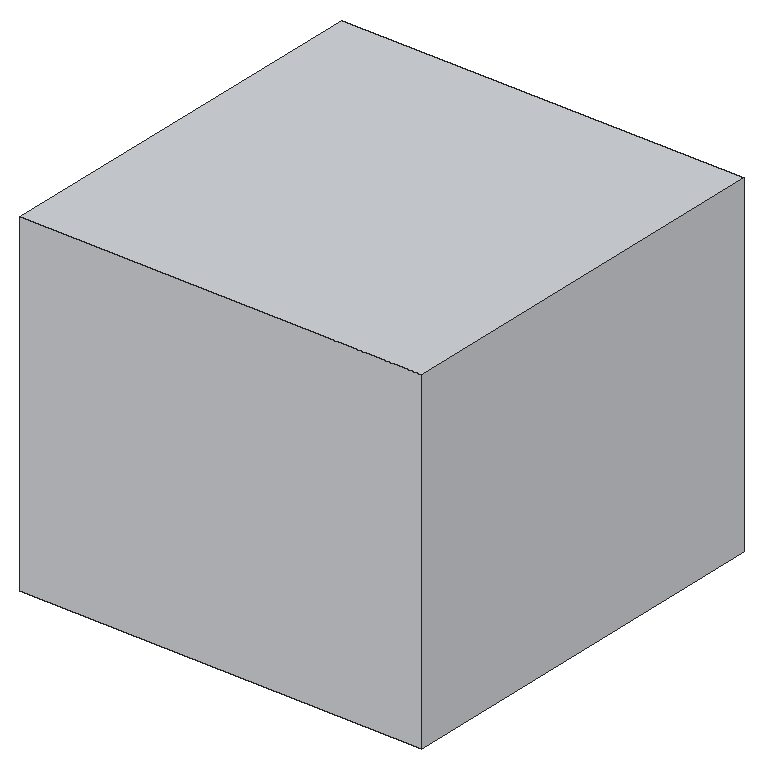
Revit family "defaultFamily_2021", category Generic Models, Revit 2021
Family settings
  Can host rebar = No
  Round Connector Dimension = Use Diameter
  Part Type = Normal
  Work Plane-Based = No
  Always vertical = Yes
  Cut with Voids When Loaded = No
  Shared = No
  Room Calculation Point = No
Parameters
  Default Elevation = 0 mm
Reference planes
  plane 1 "Center (Front/Back)": y = 0
  plane 2: z = 0
  plane 3 "Center (Left/Right)": x = 0
Forms (mm)
  Extrusion 1, solid
    sketch origin (0, 0, 0) x (1, 0, 0) y (0, 1, 0)
      loop
        line (0, 0) -> (300, 0) -> (300, 300) -> (0, 300) -> (0, 0)
    from 0 to 250
Dimensions and locks
  aligned and locked: level to plane 2
